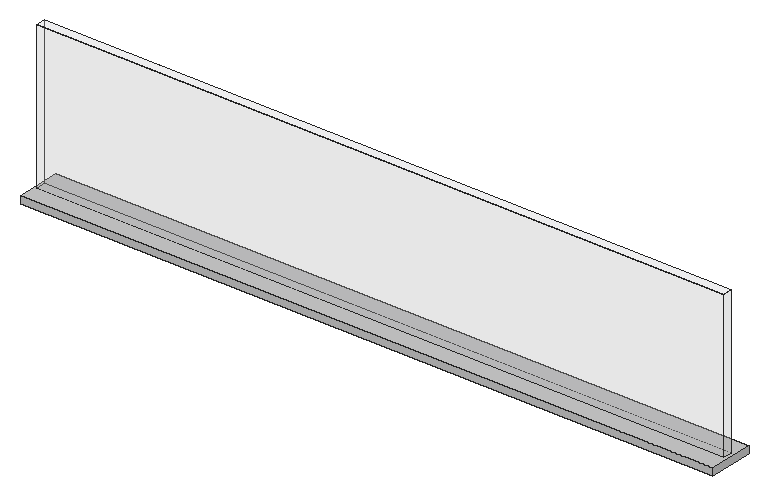
Revit family "Haworth_Compose_Panel_StackFramelessGlass", category Furniture Systems, Revit 2018
Family settings
  Round Connector Dimension = Use Diameter
  Part Type = Normal
  OmniClass Number = 23.40.70.14.64.21
  OmniClass Title = Systems Furniture
  Work Plane-Based = No
  Always vertical = Yes
  Cut with Voids When Loaded = No
  Shared = No
  Room Calculation Point = No
Parameters (values of type "8h 36w")
  Width = 36"
  Warranty = "http://www.haworth.com/resources/product-info/warranties"
  URL - Product = "http://www.haworth.com/products/workspaces/panel-based/compose"
  URL = "http://www.haworth.com/"
  Trim Height = 3/8"  # constant formula
  Trim Finish = Haworth _ Paint _ Putty
  Sustainability Info = "http://media.haworth.com/asset/2999/Compose%20PEDS.pdf"
  Size = "Verify Final Dim. w/ Haworth"  # constant formula
  Revision Number = "4"  # constant formula
  Panel Width = Actual Width - 1/4"  # 35 3/4"
  Model = "VZGK"  # constant formula
  Min/Max Width = "18, 24, 30, 36-120 in. @ 3 in. Increments"  # constant formula
  Min/Max Height = "8, 12, 16 in."  # constant formula
  Min. Width = 18"  # constant formula
  Max. Width = 120"  # constant formula
  Min. Height = 8"  # constant formula
  Max. Height = 16"  # constant formula
  Manufacturer = "Haworth"  # constant formula
  Height = 8"
  Glass Finish = Haworth _ Glass _ Clear
  Description = "Haworth - Compose Panel Glass - Frameless Glass"  # constant formula
  Depth = 2 5/16"  # constant formula
  Custom Size = not(and(or(Height = 8", Height = 12", Height = 16"), or(Width = 24", Width = 30", Width = 36", Width = 42", Width = 48", Width = 54", Width = 60", Width = 66", Width = 72", Width = 78", Width = 84", Width = 90", Width = 96", Width = 99", Width = 102", Width = 105", Width = 108", Width = 111", Width = 114", Width = 117", Width = 120", Width = 39", Width = 45", Width = 51", Width = 57", Width = 63", Width = 69", Width = 75", Width = 81", Width = 87", Width = 93")))  # no
  Author = "SHAPE Environments, LLC"  # constant formula
  Assembly Code = "E2020500"
  Actual Width = if(Width < Min. Width, Min. Width, if(Width > Max. Width, Max. Width, Width))  # 36"
  Panel Offset [instance] = 50"
  Actual Height = if(Height > Max. Height, Max. Height, if(Height < Min. Height, Min. Height, Height))  # 8"
Types (3): name | Height | Actual Height
  16h 36w | 16" | 16"
  12h 36w | 12" | 12"
  8h 36w | 8" | 8"
Reference planes (in)
  plane 1 "Center F/B": y = -0.82517
  plane 2: z = 0
  plane 3 "Center L/R": x = 0.09607
  plane 4 "Left": x = -17.90393
  plane 5 "Right": x = 18.09607
  plane 6 "Top": z = 58
  plane 7 "Panel Offset": z = 50
  plane 8 "Back": y = 0.33108
  plane 9 "Front": y = -1.98142
  plane 10 "Panel Back": y = -0.57517
  plane 11 "Panel Front": y = -1.07517
  plane 12 "Panel Left": x = -17.77893
  plane 13 "Panel Right": x = 17.97107
  plane 14 "Top of Trim": z = 50.375
Forms (in)
  Sweep 1, solid, material "Haworth _ Paint _ Putty" <- "Trim Finish"
    path origin (0, 0, 50) x (-1, 0, 0) y (0, -1, 0)
      loop
        line (17.90393, 0.82517) -> (-18.09607, 0.82517)
    profile "Haworth_Compose - Panel_Trim : Trim" origin (0.09607, -0.82517, 50) x (0, 1, 0) y (0, 0, 1)
      loop
        line (-1.15625, 0) -> (1.15625, 0) -> (1.15625, 0.375) -> (-1.15625, 0.375) -> (-1.15625, 0)
  Extrusion 2, solid, material "Haworth _ Glass _ Clear" <- "Glass Finish"
    sketch origin (0, -0.82517, 0) x (1, 0, 0) y (0, 0, 1)
      loop
        line (-17.77893, 58) -> (-17.77893, 50.375) -> (17.97107, 50.375) -> (17.97107, 58) -> (-17.77893, 58)
    from -0.25 to 0.25
Lines and regions (in)
  Masking region 1
    outline origin (0, 0, 0) x (1, 0, 0) y (0, 1, 0)
      loop
        line (-17.90393, -0.57517) -> (-17.90393, -1.07517) -> (18.09607, -1.07517) -> (18.09607, -0.57517) -> (-17.90393, -0.57517)
  symbolic lines, style "Haworth"
    curve 1: line (18.09607, 0.33108, 50) -> (-17.90393, 0.33108, 50)
    curve 2: line (-17.90393, -1.98142, 50) -> (18.09607, -1.98142, 50)
    curve 3: line (18.09607, -1.98142, 50) -> (18.09607, 0.33108, 50)
    curve 4: line (-17.90393, -1.98142, 50) -> (-17.90393, 0.33108, 50)
Dimensions and locks (in)
  equal spacing: plane 4 "Left", plane 3 "Center L/R", plane 5 "Right"
  "Actual Width": plane 4 "Left" to plane 5 "Right"
  "Actual Height": plane 6 "Top" to plane 7 "Panel Offset"
  "Panel Offset": plane 7 "Panel Offset" to plane 2
  equal spacing: plane 8 "Back", plane 1 "Center F/B", plane 9 "Front"
  "Depth": plane 8 "Back" to plane 9 "Front"
  locked: plane 4 "Left" to plane 12 "Panel Left" at 0.125
  locked: plane 13 "Panel Right" to plane 5 "Right" at 0.125
  equal spacing: plane 10 "Panel Back", plane 1 "Center F/B", plane 11 "Panel Front"
  locked: plane 11 "Panel Front" to plane 10 "Panel Back" at 0.5
  "Trim Height": plane 14 "Top of Trim" to plane 7 "Panel Offset"
  aligned and locked: Masking region 1 sketch curve to plane 11 "Panel Front"
  aligned and locked: Masking region 1 sketch curve to plane 10 "Panel Back"
  aligned and locked: Masking region 1 to plane 4 "Left"
  aligned and locked: plane 5 "Right" to Masking region 1
  aligned and locked: plane 5 "Right" to Sweep 1 sketch curve
  aligned and locked: plane 4 "Left" to Sweep 1 sketch curve
  aligned and locked: Extrusion 2 sketch curve to plane 6 "Top"
  aligned and locked: Extrusion 2 sketch curve to plane 13 "Panel Right"
  aligned and locked: plane 10 "Panel Back" to Extrusion 2
  aligned and locked: plane 11 "Panel Front" to Extrusion 2
  aligned and locked: Extrusion 2 to plane 12 "Panel Left"
  aligned and locked: plane 13 "Panel Right" to Extrusion 2
  aligned and locked: plane 14 "Top of Trim" to Extrusion 2 sketch curve
  aligned and locked: curve 3 to Sweep 1
  aligned and locked: curve 4 to Sweep 1
Automatic sketch dimensions
  Masking region 1 sketch curve to plane 4 "Left" = 0"
  Masking region 1 sketch curve to plane 5 "Right" = 0"
  plane 1 "Center F/B" to Sweep 1 sketch curve = 0"
  Extrusion 2 sketch curve to plane 12 "Panel Left" = 0"
  curve 1 to plane 8 "Back" = 0"
  curve 3 to plane 9 "Front" = 0"
Types in the file's own list only (93): name | Width | Panel Width | Height | Custom Size | Actual Width | Actual Height
  8h 18w | 18" | 17 3/4" | 8" | Yes | 18" | 8"
  8h 24w | 24" | 23 3/4" | 8" | No | 24" | 8"
  8h 30w | 30" | 29 3/4" | 8" | No | 30" | 8"
  8h 39w | 39" | 38 3/4" | 8" | No | 39" | 8"
  8h 42w | 42" | 41 3/4" | 8" | No | 42" | 8"
  8h 45w | 45" | 44 3/4" | 8" | No | 45" | 8"
  8h 48w | 48" | 47 3/4" | 8" | No | 48" | 8"
  8h 51w | 51" | 50 3/4" | 8" | No | 51" | 8"
  8h 54w | 54" | 53 3/4" | 8" | No | 54" | 8"
  8h 57w | 57" | 56 3/4" | 8" | No | 57" | 8"
  8h 60w | 60" | 59 3/4" | 8" | No | 60" | 8"
  8h 63w | 63" | 62 3/4" | 8" | No | 63" | 8"
  8h 66w | 66" | 65 3/4" | 8" | No | 66" | 8"
  8h 69w | 69" | 68 3/4" | 8" | No | 69" | 8"
  8h 72w | 72" | 71 3/4" | 8" | No | 72" | 8"
  8h 75w | 75" | 74 3/4" | 8" | No | 75" | 8"
  8h 78w | 78" | 77 3/4" | 8" | No | 78" | 8"
  8h 81w | 81" | 80 3/4" | 8" | No | 81" | 8"
  8h 84w | 84" | 83 3/4" | 8" | No | 84" | 8"
  8h 87w | 87" | 86 3/4" | 8" | No | 87" | 8"
  8h 90w | 90" | 89 3/4" | 8" | No | 90" | 8"
  8h 93w | 93" | 92 3/4" | 8" | No | 93" | 8"
  8h 96w | 96" | 95 3/4" | 8" | No | 96" | 8"
  8h 99w | 99" | 98 3/4" | 8" | No | 99" | 8"
  8h 102w | 102" | 101 3/4" | 8" | No | 102" | 8"
  8h 105w | 105" | 104 3/4" | 8" | No | 105" | 8"
  8h 108w | 108" | 107 3/4" | 8" | No | 108" | 8"
  8h 111w | 111" | 110 3/4" | 8" | No | 111" | 8"
  8h 114w | 114" | 113 3/4" | 8" | No | 114" | 8"
  8h 117w | 117" | 116 3/4" | 8" | No | 117" | 8"
  8h 120w | 120" | 119 3/4" | 8" | No | 120" | 8"
  12h 18w | 18" | 17 3/4" | 12" | Yes | 18" | 12"
  12h 24w | 24" | 23 3/4" | 12" | No | 24" | 12"
  12h 30w | 30" | 29 3/4" | 12" | No | 30" | 12"
  12h 39w | 39" | 38 3/4" | 12" | No | 39" | 12"
  12h 42w | 42" | 41 3/4" | 12" | No | 42" | 12"
  12h 45w | 45" | 44 3/4" | 12" | No | 45" | 12"
  12h 48w | 48" | 47 3/4" | 12" | No | 48" | 12"
  12h 51w | 51" | 50 3/4" | 12" | No | 51" | 12"
  12h 54w | 54" | 53 3/4" | 12" | No | 54" | 12"
  12h 57w | 57" | 56 3/4" | 12" | No | 57" | 12"
  12h 60w | 60" | 59 3/4" | 12" | No | 60" | 12"
  12h 63w | 63" | 62 3/4" | 12" | No | 63" | 12"
  12h 66w | 66" | 65 3/4" | 12" | No | 66" | 12"
  12h 69w | 69" | 68 3/4" | 12" | No | 69" | 12"
  12h 72w | 72" | 71 3/4" | 12" | No | 72" | 12"
  12h 75w | 75" | 74 3/4" | 12" | No | 75" | 12"
  12h 78w | 78" | 77 3/4" | 12" | No | 78" | 12"
  12h 81w | 81" | 80 3/4" | 12" | No | 81" | 12"
  12h 84w | 84" | 83 3/4" | 12" | No | 84" | 12"
  12h 87w | 87" | 86 3/4" | 12" | No | 87" | 12"
  12h 90w | 90" | 89 3/4" | 12" | No | 90" | 12"
  12h 93w | 93" | 92 3/4" | 12" | No | 93" | 12"
  12h 96w | 96" | 95 3/4" | 12" | No | 96" | 12"
  12h 99w | 99" | 98 3/4" | 12" | No | 99" | 12"
  12h 102w | 102" | 101 3/4" | 12" | No | 102" | 12"
  12h 105w | 105" | 104 3/4" | 12" | No | 105" | 12"
  12h 108w | 108" | 107 3/4" | 12" | No | 108" | 12"
  12h 111w | 111" | 110 3/4" | 12" | No | 111" | 12"
  12h 114w | 114" | 113 3/4" | 12" | No | 114" | 12"
  12h 117w | 117" | 116 3/4" | 12" | No | 117" | 12"
  12h 120w | 120" | 119 3/4" | 12" | No | 120" | 12"
  16h 18w | 18" | 17 3/4" | 16" | Yes | 18" | 16"
  16h 24w | 24" | 23 3/4" | 16" | No | 24" | 16"
  16h 30w | 30" | 29 3/4" | 16" | No | 30" | 16"
  16h 39w | 39" | 38 3/4" | 16" | No | 39" | 16"
  16h 42w | 42" | 41 3/4" | 16" | No | 42" | 16"
  16h 45w | 45" | 44 3/4" | 16" | No | 45" | 16"
  16h 48w | 48" | 47 3/4" | 16" | No | 48" | 16"
  16h 51w | 51" | 50 3/4" | 16" | No | 51" | 16"
  16h 54w | 54" | 53 3/4" | 16" | No | 54" | 16"
  16h 57w | 57" | 56 3/4" | 16" | No | 57" | 16"
  16h 60w | 60" | 59 3/4" | 16" | No | 60" | 16"
  16h 63w | 63" | 62 3/4" | 16" | No | 63" | 16"
  16h 66w | 66" | 65 3/4" | 16" | No | 66" | 16"
  16h 69w | 69" | 68 3/4" | 16" | No | 69" | 16"
  16h 72w | 72" | 71 3/4" | 16" | No | 72" | 16"
  16h 75w | 75" | 74 3/4" | 16" | No | 75" | 16"
  16h 78w | 78" | 77 3/4" | 16" | No | 78" | 16"
  16h 81w | 81" | 80 3/4" | 16" | No | 81" | 16"
  16h 84w | 84" | 83 3/4" | 16" | No | 84" | 16"
  16h 87w | 87" | 86 3/4" | 16" | No | 87" | 16"
  16h 90w | 90" | 89 3/4" | 16" | No | 90" | 16"
  16h 93w | 93" | 92 3/4" | 16" | No | 93" | 16"
  16h 96w | 96" | 95 3/4" | 16" | No | 96" | 16"
  16h 99w | 99" | 98 3/4" | 16" | No | 99" | 16"
  16h 102w | 102" | 101 3/4" | 16" | No | 102" | 16"
  16h 105w | 105" | 104 3/4" | 16" | No | 105" | 16"
  16h 108w | 108" | 107 3/4" | 16" | No | 108" | 16"
  16h 111w | 111" | 110 3/4" | 16" | No | 111" | 16"
  16h 114w | 114" | 113 3/4" | 16" | No | 114" | 16"
  16h 117w | 117" | 116 3/4" | 16" | No | 117" | 16"
  16h 120w | 120" | 119 3/4" | 16" | No | 120" | 16"
